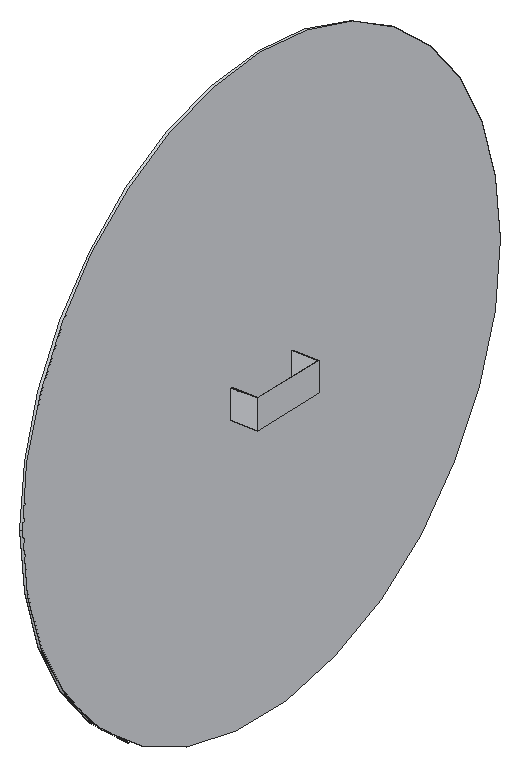
Revit family
Parameters (values of type "DW3031AD")
  WALLTHICK = 3/64"  # constant formula
  Model = "DW3031AD"
  Manufacturer = "CaptiveAire"
  HANLELENGTH = 4"  # constant formula
  HANDLEWIDTH = 1 1/2"  # constant formula
  HANDLETHICK = 3/64"  # constant formula
  HANDLEDEPTH = 1 27/64"  # constant formula
  Description = "30\" Door"
  DOORRAD = (DOORDIA / 2)  # 15 1/2"
  DOORDIA = 31"
Types (12): name | Model | Description | DOORRAD | DOORDIA
  (no name) | "DW3031AD" | "30\" Door" | 15 1/2" | 31"
  DW0809AD | "DW0809AD" | "8\" Door" | 4 1/2" | 9"
  DW1011AD | "DW1011AD" | "10\" Door" | 5 1/2" | 11"
  DW1213AD | "DW1213AD" | "12\" Door" | 6 1/2" | 13"
  DW1415AD | "DW1415AD" | "14\" Door" | 7 1/2" | 15"
  DW1617AD | "DW1617AD" | "16\" Door" | 8 1/2" | 17"
  DW1829AD | "DW1819AD" | "18\" Door" | 9 3/64" | 18 3/32"
  DW2021AD | "DW2021AD" | "20\" Door" | 10 1/2" | 21"
  DW2223AD | "DW2223AD" | "22\" Door" | 11 1/2" | 23"
  DW2425AD | "DW2425AD" | "24\" Door" | 12 1/2" | 25"
  DW2627AD | "DW2627AD" | "26\" Door" | 13 1/2" | 27"
  DW3031AD | "DW3031AD" | "30\" Door" | 15 1/2" | 31"
Reference planes (in)
  plane 1 "Center (Front/Back)": y = 0
  plane 2: z = 0
  plane 3 "Center (Left/Right)": x = -6.88877
  plane 4: x = -6.8419
Forms (in)
  Extrusion 1, solid
    sketch origin (-6.88877, 0, 0) x (0, 1, 0) y (0, 0, 1)
      loop
        circle (0, 0) r 15.5
    from 0 to 0.125
  Extrusion 2, solid
    sketch origin (0, 0, 0) x (1, 0, 0) y (0, 1, 0)
      loop
        line (-6.76377, 2) -> (-6.76377, 1.95312) -> (-5.38877, 1.95312) -> (-5.38877, -1.95313) -> (-6.76377, -1.95313) -> (-6.76377, -2) -> (-5.3419, -2) -> (-5.3419, 2) -> (-6.76377, 2)
    from -0.75 to 0.75
Dimensions and locks (in)
  "WALLTHICK": plane 4 to plane 3 "Center (Left/Right)"
  equal spacing: Extrusion 2 sketch curve, plane 1 "Center (Front/Back)", Extrusion 2 sketch curve
  "HANLELENGTH": Extrusion 2 sketch curve to Extrusion 2 sketch curve
  "HANDLETHICK": Extrusion 2 sketch curve to Extrusion 2 sketch curve  (x3)
  "HANDLEDEPTH": Extrusion 1 to Extrusion 2 sketch curve
  "DOORRAD": radius of Extrusion 1 sketch curve
  aligned: Extrusion 1 to plane 4
  aligned and locked: Extrusion 1 to Extrusion 2 sketch curve  (x2)
Automatic sketch dimensions
  Extrusion 1 sketch curve to level = 0"
  Extrusion 1 sketch curve to plane 1 "Center (Front/Back)" = 0"
